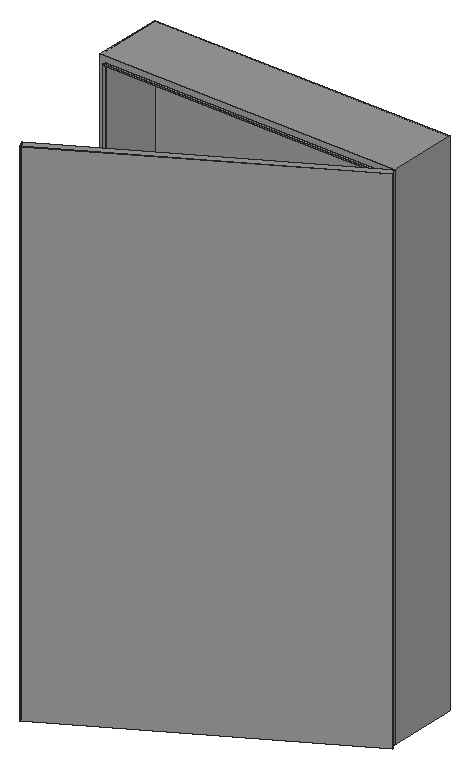
Revit family "Hager-Univers-IP44-D205-H1400-Cl.II-Encl-NoHosted-NL-en", category Equipement électrique, Revit 2020
Family settings
  Configuration du panneau = Deux colonnes, circuits au sein
  Cote de connecteur circulaire = Utiliser le diamètre
  Type d'élément = Tableau de raccordement
  Basée sur le plan de construction = Oui
  Toujours verticalement = Oui
  Couper avec des vides une fois chargée = Non
  Partagée = Non
  Point de calcul de pièce = Non
Parameters (values of type "Surface mounted (plaster) IP44 W800 H1400 D205  - FP93QS")
  Width Control [instance] = if([EF000008 - Width] > Min Width, [EF000008 - Width], Min Width)  # 800 mm
  Commentaires du type = [HG000003 - Range]  # "Univers"
  Thickness Door [instance] = if([EF009171 - Material plate thickness door/cover] > 3 mm, 3 mm, [EF009171 - Material plate thickness door/cover])  # 1 mm
  Seal Frame Offset [instance] = 17 mm  # constant formula
  Plinth Visibility [instance] = [HG000027 - Plinth height] > 0 mm  # no
  Min Width [instance] = 100 mm  # constant formula
  Min Depth [instance] = (2 * [EF009170 - Material plate thickness cabinet]) + 1 mm  # 3 mm
  Min Height [instance] = 100 mm  # constant formula
  Internal Frame Depth [instance] = (Door System Depth * 0.5)  # 9 mm
  Panel Name [instance] = ""  # (empty or 0)
  Model = ""
  HG000027 - Plinth height = 0 mm
  HG000026 - Floor standing = no
  HG000024 - Bottom section height = 600 mm
  HG000023 - Double section enclosure = no
  HG000016 - Door 3d visibility [instance] = yes
  HG000015 - Clearance visibility [instance] = no
  HG000014 - Door on the right [instance] = yes
  HG000013 - Door on the left [instance] = not([HG000014 - Door on the right])  # no
  HG000012 - Door swing angle [instance] = 30.00°
  HG000010 - Asymmetric doors = no
  HG000009 - Double swing door = no
  HG000006 - Flush mounted = no
  HG000004 - Manufacturer reference = "FP93QS"
  HG000003 - Range = "Univers"
  HG000002 - With door or cover = yes
  Frame Offset Bottom [instance] = 10 mm  # constant formula
  Frame Offset [instance] = 15 mm  # constant formula
  EF015940 - Cover with overpressure release = no
  EF011959 - Degree of protection (NEMA) = ""
  EF009554 - Number of openings for flange plates = 6
  EF009212 - Cover model = "EV000116 - Closed"
  EF009171 - Material plate thickness door/cover = 1 mm
  EF009170 - Material plate thickness cabinet = 1 mm
  EF008873 - Nominal current (In) = 250 A
  EF007800 - Suitable for lightning protection = no
  EF006306 - With lock = no
  EF006244 - Transparent cover/door = no
  EF005474 - Degree of protection (IP) = "EV006418 - IP44"
  EF004464 - Type of door = "EV002646 - Single"
  EF004427 - Number of modules = 324
  EF004293 - Impact strength = "EV006815 - IK09"
  EF003532 - Suitable for outdoor use = no
  EF002950 - Width in number of modular spacings = 36
  EF001613 - Circuit integrity = "EV000494 - None"
  EF001596 - Material housing = "EV000179 - Steel"
  EF001131 - Internal depth = 143 mm
  EF001088 - Extension possible = yes
  EF000437 - Number of conduit inlets = 6
  EF000339 - Type of cover = "EV001012 - Cover"
  EF000266 - Number of rows = 9
  EF000218 - Built-in depth = 0 mm
  EF000118 - With mounting plate = no
  EF000116 - RAL-number = "9010"
  EF000049 - Depth = 205 mm
  EF000040 - Height = 1400 mm
  EF000008 - Width = 800 mm
  EF000007 - Colour = "EV000202 - White"
  EF000003 - Mounting method = "EV000384 - Surface mounted (plaster)"
  Door System Leaf Tolerance [instance] = 1.5 mm  # constant formula
  Door System Depth [instance] = 18 mm  # constant formula
  Door Height [instance] = Height Control - [HG000027 - Plinth height]  # 1400 mm
  Description = ""
  Default Elevation = 1219.2 mm
  Connector Offset [instance] = Height Control / 2  # 700 mm
  Fabricant = "Hager"  # constant formula
  Height Control [instance] = if([EF000040 - Height] > Min Height, [EF000040 - Height], Min Height)  # 1400 mm
  Depth Control [instance] = if([EF000049 - Depth] > Min Depth, [EF000049 - Depth], Min Depth)  # 205 mm
  Bottom Top Plate Trim [instance] = 1.5 mm  # constant formula
  Plinth height Ctrl [instance] = if([HG000027 - Plinth height] > 0 mm, [HG000027 - Plinth height], 12 mm)  # 12 mm
Types (5, lengths in mm): name | Width Control | HG000009 - Double swing door | HG000004 - Manufacturer reference | EF009554 - Number of openings for flange plates | EF004464 - Type of door | EF004427 - Number of modules | EF002950 - Width in number of modular spacings | EF000437 - Number of conduit inlets | EF000008 - Width
  Surface mounted (plaster) IP44 W1050 H1400 D205  - FP94QS | 1050 | yes | "FP94QS" | 8 | "EV003602 - Double" | 432 | 48 | 8 | 1050
  Surface mounted (plaster) IP44 W1300 H1400 D205  - FP95QS | 1300 | yes | "FP95QS" | 10 | "EV003602 - Double" | 540 | 60 | 10 | 1300
  Surface mounted (plaster) IP44 W300 H1400 D205  - FP91QS | 300 | no | "FP91QS" | 2 | "EV002646 - Single" | 108 | 12 | 2 | 300
  Surface mounted (plaster) IP44 W550 H1400 D205  - FP92QS | 550 | no | "FP92QS" | 4 | "EV002646 - Single" | 216 | 24 | 4 | 550
  Surface mounted (plaster) IP44 W800 H1400 D205  - FP93QS | 800 | no | "FP93QS" | 6 | "EV002646 - Single" | 324 | 36 | 6 | 800
Reference planes
  plane 1 "Center (Front/Back)": y = 0
  plane 2: z = 0
  plane 3 "Center (Left/Right)": x = 0
  plane 4: y = 0
  plane 5: y = 0
  plane 6: z = 0
  plane 7: x = -400
  plane 8: x = 400
  plane 9: x = 399
  plane 10: x = -399
  plane 11: z = 0
  plane 12: z = 1
  plane 13: y = -205
  plane 14: y = -1
  plane 15: x = 0
  plane 16: y = -187
  plane 17: y = -204
  plane 18: y = -186
  plane 19: x = -384
  plane 20: x = 384
  plane 21: z = 11
  plane 22: x = -383
  plane 23: x = 383
  plane 24: z = 0
  plane 25: z = 1400
  plane 26: z = 1400
  plane 27: z = 1384
  plane 28: z = 1399
Forms (mm)
  Extrusion 1, solid, material "Hager_Steel_RAL7035_Light_Grey", detail levels medium+fine
    sketch origin (-208.679, -4572, 0) x (-1, 0, 0) y (0, -1, 0)
      loop
        line (191.321, -4385) -> (-608.679, -4385) -> (-608.679, -4572) -> (191.321, -4572) -> (191.321, -4385)
    from 0 to 1400
  Extrusion 2, void
    sketch origin (-350.771, -205, 1219.2) x (1, 0, 0) y (0, 0, 1)
      loop
        line (-48.229, 179.8) -> (-48.229, -1218.2) -> (749.771, -1218.2) -> (749.771, 179.8) -> (-48.229, 179.8)
    from -19 to -204
  Extrusion 3, void
    sketch origin (-290.084, -187, 1219.2) x (1, 0, 0) y (0, 0, 1)
      loop
        line (-93.916, -1208.2) -> (674.084, -1208.2) -> (674.084, 164.8) -> (-93.916, 164.8) -> (-93.916, -1208.2)
    from 0 to -1
  Extrusion 4, solid, material "Hager_Steel_RAL7035_Light_Grey", visible <- "Plinth Visibility", detail levels medium+fine
    sketch origin (0, 0, 0) x (1, 0, 0) y (0, 1, 0)
      loop
        line (-400, 0) -> (-400, -187) -> (400, -187) -> (400, 0) -> (-400, 0)
    from 0 to 12 <- "Plinth height Ctrl"
  Extrusion 5, solid, material "Hager_Steel_RAL7035_Light_Grey", detail levels coarse
    sketch origin (0, 0, 0) x (1, 0, 0) y (0, 1, 0)
      loop
        line (-400, 0) -> (-400, -205) -> (400, -205) -> (400, 0) -> (-400, 0)
    from 0 to 1400 <- "Height Control"
  Sweep 6, void
    path in 3D
      loop
        line (-400, -187, 12) -> (400, -187, 12) -> (400, 0, 12) -> (-400, 0, 12) -> (-400, -187, 12)
    profile origin (-400, -93.5, 12) x (1, 0, 0) y (0, 0, 1)
      loop
        line (0, 0) -> (0, -1.5) -> (1.5, -1.5)
        arc (1.5, -1.5) -> (1.061, -0.439) -> (0, 0) r 1.5
  Extrusion 7, solid, material "Hager_Steel_RAL7035_Light_Grey", detail levels fine
    sketch origin (-400, -187, 0) x (1, 0, 0) y (0, 0, 1)
      loop
        line (16, 11) -> (784, 11) -> (784, 1384) -> (16, 1384) -> (16, 11)
      loop
        line (15, 10) -> (785, 10) -> (785, 1385) -> (15, 1385) -> (15, 10)
    from 0 to 9 <- "Internal Frame Depth"
Cuts and joins
  Extrusion 2, Extrusion 3 cuts Extrusion 1
  Sweep 6 cuts Extrusion 4
Lines and regions (mm)
  Masking region 1
    outline origin (0, 0, 0) x (1, 0, 0) y (0, 1, 0)
      loop
        line (-400, 0) -> (-400, -205) -> (400, -205) -> (400, 0) -> (-400, 0)
  Masking region 2, detail levels coarse
    outline origin (-290.084, -187, 1219.2) x (-1, 0, 0) y (0, 0, 1)
      loop
        line (-690.084, -1219.2) -> (109.916, -1219.2) -> (109.916, 180.8) -> (-690.084, 180.8) -> (-690.084, -1219.2)
  Masking region 3, detail levels coarse
    outline origin (0, 0, 0) x (0, 1, 0) y (0, 0, 1)
      loop
        line (0, 0) -> (0, 1400) -> (-205, 1400) -> (-205, 0) -> (0, 0)
  Masking region 4, visible <- "Plinth Visibility", detail levels medium+fine
    outline origin (0, 0, 0) x (0, 1, 0) y (0, 0, 1)
      loop
        line (-1.5, 12) -> (-185.5, 12)
        arc (-185.5, 12) -> (-185.939, 10.939) -> (-187, 10.5) r 1.5
        line (-187, 10.5) -> (-187, 0) -> (0, 0) -> (0, 10.5)
        arc (0, 10.5) -> (-1.061, 10.939) -> (-1.5, 12) r 1.5
  Masking region 5, detail levels medium+fine
    outline origin (0, 0, 594.038) x (0, 1, 0) y (0, 0, 1)
      loop
        line (0, -594.038) -> (0, 805.962) -> (-187, 805.962) -> (-187, -594.038) -> (0, -594.038)
  Masking region 6, detail levels medium+fine
    outline origin (-359.7, -187, 1211.883) x (-1, 0, 0) y (0, 0, 1)
      loop
        line (-759.7, -1211.883) -> (40.3, -1211.883) -> (40.3, 188.117) -> (-759.7, 188.117) -> (-759.7, -1211.883)
  Masking region 7, visible <- "Plinth Visibility", detail levels medium+fine
    outline origin (-320.334, -187, 1041.368) x (-1, 0, 0) y (0, 0, 1)
      loop
        line (-720.334, -1041.368) -> (79.666, -1041.368) -> (79.666, -1030.868)
        arc (79.666, -1030.868) -> (78.606, -1030.429) -> (78.166, -1029.368) r 1.5
        line (78.166, -1029.368) -> (-718.834, -1029.368)
        arc (-718.834, -1029.368) -> (-719.273, -1030.429) -> (-720.334, -1030.868) r 1.5
        line (-720.334, -1030.868) -> (-720.334, -1041.368)
  sketch lines
    curve 1: line (-400, 0, 12) -> (-400, -187, 12)
    curve 2: line (-400, -187, 12) -> (400, -187, 12)
    curve 3: line (400, 0, 12) -> (-400, 0, 12)
    curve 4: line (400, -187, 12) -> (400, 0, 12)
Dimensions and locks
  locked: plane 1 "Center (Front/Back)" to plane 5
  "EF009170 - Material plate thickness cabinet": plane 7 to plane 10
  "EF009170 - Material plate thickness cabinet": plane 8 to plane 9
  equal spacing: plane 7, plane 3 "Center (Left/Right)", plane 8
  "Width Control": plane 7 to plane 8
  "Depth Control": plane 4 to plane 13
  "EF009170 - Material plate thickness cabinet": plane 4 to plane 14
  "Height Control": plane 25 to level
  "HG000027 - Plinth height": plane 11 to level
  "EF009170 - Material plate thickness cabinet": plane 12 to plane 11
  "EF009170 - Material plate thickness cabinet": plane 17 to plane 13
  "EF009170 - Material plate thickness cabinet": plane 18 to plane 16
  "Frame Offset Bottom": plane 21 to plane 12
  "Frame Offset": plane 10 to plane 19
  "Frame Offset": plane 9 to plane 20
  "Door System Depth": plane 16 to plane 13
  "Seal Frame Offset": plane 7 to plane 22
  "Seal Frame Offset": plane 8 to plane 23
  "EF009170 - Material plate thickness cabinet": plane 26 to plane 28
  "Frame Offset": plane 28 to plane 27
  "Connector Offset": plane 2 to connector elem
  "Bottom Top Plate Trim": profile plane to Sweep 6 sketch curve
  "Bottom Top Plate Trim": Sweep 6 sketch curve to Sweep 6 sketch curve
  "Plinth height Ctrl": Masking region 4 sketch curve to level
  "Plinth height Ctrl": Masking region 7 sketch curve to level
  "Thickness Door": Extrusion 7 sketch curve to Extrusion 7 sketch curve  (x4)
  "Bottom Top Plate Trim": radius of Sweep 6 sketch curve
  "Bottom Top Plate Trim": radius of Masking region 4 sketch curve  (x2)
  "Bottom Top Plate Trim": radius of Masking region 7 sketch curve  (x2)
  aligned and locked: Extrusion 2 sketch curve to plane 12
  aligned and locked: Extrusion 2 sketch curve to plane 9
  aligned and locked: Extrusion 2 sketch curve to plane 10
  aligned and locked: Extrusion 2 to plane 14
  aligned and locked: Extrusion 1 sketch curve to plane 4
  aligned and locked: plane 8 to Extrusion 1 sketch curve
  aligned and locked: plane 7 to Extrusion 1 sketch curve
  aligned and locked: Extrusion 2 to plane 18
  aligned and locked: Extrusion 3 sketch curve to plane 19
  aligned and locked: plane 20 to Extrusion 3 sketch curve
  aligned and locked: Extrusion 3 to Extrusion 2
  aligned and locked: Extrusion 3 sketch curve to plane 21
  aligned and locked: plane 3 "Center (Left/Right)" to nested 1
  aligned and locked: Extrusion 1 sketch curve to plane 16
  aligned and locked: Extrusion 4 sketch curve to cut or joined group of Extrusion 1, Extrusion 2, Extrusion 3
  aligned and locked: Masking region 1 sketch curve to plane 7
  aligned and locked: Masking region 1 sketch curve to plane 5
  aligned and locked: Masking region 1 sketch curve to plane 8
  aligned and locked: Masking region 2 sketch curve to level
  aligned and locked: level to Masking region 3 sketch curve
  aligned and locked: plane 1 "Center (Front/Back)" to Masking region 3 sketch curve
  aligned and locked: plane 13 to Masking region 3 sketch curve
  aligned and locked: plane 5 to Masking region 4 sketch curve
  aligned and locked: Masking region 2 sketch curve to plane 8
  aligned and locked: Masking region 2 sketch curve to plane 7
  aligned and locked: plane 7 to nested 2
  aligned and locked: nested 2 to plane 5
  aligned and locked: plane 5 to Masking region 5 sketch curve
  aligned and locked: plane 26 to Masking region 5 sketch curve
  aligned and locked: Extrusion 5 sketch curve to plane 8
  aligned and locked: Extrusion 5 sketch curve to plane 7
  aligned and locked: Extrusion 5 sketch curve to plane 5
  aligned and locked: Extrusion 3 sketch curve to plane 27
  aligned and locked: Extrusion 2 sketch curve to plane 28
  aligned and locked: Masking region 2 to plane 25
  aligned and locked: Extrusion 4 to plane 16
  aligned and locked: profile plane to Sweep 6 sketch curve
  aligned and locked: Masking region 5 sketch curve to plane 24
  aligned and locked: level to Masking region 4 sketch curve
  aligned and locked: Masking region 1 to plane 13
  aligned and locked: nested 1 to plane 16
  aligned and locked: Masking region 3 to plane 25
  aligned and locked: plane 16 to Masking region 4 sketch curve
  aligned and locked: Masking region 5 sketch curve to plane 16
  aligned and locked: plane 24 to plane 11
  aligned and locked: plane 26 to plane 25
  aligned and locked: plane 26 to cut or joined group of Extrusion 1, Extrusion 2, Extrusion 3
  aligned and locked: nested 1 to plane 24
  aligned and locked: Extrusion 1 to Extrusion 3
  aligned and locked: Masking region 6 sketch curve to plane 8
  aligned and locked: Masking region 6 sketch curve to plane 24
  aligned and locked: Masking region 6 sketch curve to plane 7
  aligned and locked: Masking region 6 sketch curve to plane 26
  aligned and locked: Masking region 7 sketch curve to plane 7
  aligned and locked: level to Masking region 7 sketch curve
  aligned and locked: Masking region 7 sketch curve to plane 8
  aligned and locked: Extrusion 7 sketch curve to cut or joined group of Extrusion 1, Extrusion 2, Extrusion 3  (x4)
Automatic sketch dimensions
  plane 19 to Extrusion 3 sketch curve = 0 mm
  Extrusion 3 sketch curve to plane 20 = 0 mm
  Extrusion 3 sketch curve to plane 21 = 0 mm
  Extrusion 4 sketch curve to plane 7 = 0 mm
  Extrusion 4 sketch curve to plane 8 = 0 mm
  Extrusion 4 sketch curve to plane 16 = 0 mm
  Masking region 1 sketch curve to plane 13 = 0 mm
  Masking region 2 sketch curve to plane 25 = 0 mm
  Masking region 3 sketch curve to plane 25 = 0 mm
  Extrusion 5 sketch curve to plane 13 = 0 mm
  profile plane to Sweep 6 sketch curve = 0 mm
Nested families
  nested 1: "EC000058_Univers_Door" at (0, -187, 0), Double <- "HG000009 - Double swing door", Transparent <- "EF006244 - Transparent cover/door", Angle <- "HG000012 - Door swing angle", Door_Right <- "HG000014 - Door on the right", Assymetrical <- "HG000010 - Asymmetric doors", Door <- "HG000002 - With door or cover", Width_Ctrl <- "Width Control", 3d_Door <- "HG000016 - Door 3d visibility", Clearance <- "HG000015 - Clearance visibility", Door_Left <- "HG000013 - Door on the left", Width <- "Width Control", Door_Depth <- "Door System Depth", Leaf_Tolerance <- "Door System Leaf Tolerance", Height <- "Door Height", Lock_Visibility <- "EF006306 - With lock", Thickness <- "Thickness Door", type "EC000058_Univers_Door", detail levels medium+fine
    with min_wh 3 mm, Width_Ctrl 800 mm, Width 800 mm, Transparent no, Thickness 1 mm, Seal_Material Hager_Rubber, Lock_Visibility no, Lock_Material Hager_Plastic_RAL9005_Jet_Black, Leaf_Width 800 mm, Leaf_Tolerance_External_Sides 0 mm, Leaf_Tolerance 1.5 mm, Leaf_Offset 0 mm, Leaf_Height 1397 mm, Leaf_2_Width 800 mm, Leaf_2_Offset 400 mm, Leaf_1_Width 800 mm, Leaf_1_Offset 400 mm, Height_Ctrl 1400 mm, Height 1400 mm, Glass_Material Hager_Glass, Double_Clearance_Ctrl no, Double no, Door_Right_Ctrl yes, Door_Right yes, Door_Material Hager_Steel_RAL7035_Light_Grey, Door_Left_Ctrl no, Door_Left no, Door_Depth 18 mm, Door yes, Clearance_Material Hager_Clearance, Clearance_Depth 800 mm, Clearance_Ctrl no, Clearance no, Assymetrical no, Angle 30.00°, 3d_Door yes
  nested 2: "Hager_Enclosure_Symbol" at (-400, 0, 0), Height <- "Depth Control", Width <- "Width Control", type "Hager_Enclosure_Symbol"
    with Width_Ctrl 800 mm, Width 800 mm, Height_Ctrl 205 mm, Height 205 mm, A_Width_Int 13.453 mm, A_Width 161.438 mm, A_Height_Ctrl 179.375 mm, A_Height 179.375 mm
Connectors
  electrical at (0, 0, 700)
    settings: on plane 1 "Center (Front/Back)", index 1, voltage 0 V, apparent load 0 VA, apparent load phase1 0 VA, apparent load phase2 0 VA, apparent load phase3 0 VA, power factor 1, load classification "Other", number of poles 1, system type 30, power factor state 1, is connector primary yes, connector utility no, sub classification motor no, connector description ""
Definition of nested family "EC000058_Univers_Door"
  Parameters (values of type "EC000058_Univers_Door")
    min_wh [instance] = (2 * Thickness) + 1 mm  # 11 mm
    Width_Ctrl [instance] = 400 mm
    Width [instance] = 500 mm
    Transparent [instance] = yes
    Thickness [instance] = 5 mm
    Seal_Material [instance] = none
    Lock_Visibility [instance] = yes
    Lock_Material [instance] = none
    Leaf_Width [instance] = if((Width_Ctrl - 2 * Leaf_Tolerance_External_Sides) > 0 mm, (Width_Ctrl - 2 * Leaf_Tolerance_External_Sides), min_wh)  # 400 mm
    Leaf_Tolerance_External_Sides [instance] = 0 mm  # constant formula
    Leaf_Tolerance [instance] = 1.5 mm
    Leaf_Offset [instance] = 0 mm  # constant formula
    Leaf_Height [instance] = if((Height_Ctrl - 2 * Leaf_Tolerance) > 0 mm, (Height_Ctrl - 2 * Leaf_Tolerance), min_wh)  # 497 mm
    Leaf_2_Width [instance] = if(and(and(Double, Assymetrical), Door_Left), (Leaf_Width / 3) - (Leaf_Tolerance / 2), if(and(and(Double, Assymetrical), Door_Right), (Leaf_Width / 3) * 2 - (Leaf_Tolerance / 2), if(and(Double, not(Assymetrical)), (Leaf_Width / 2) - Leaf_Tolerance, Leaf_Width)))  # 400 mm
    Leaf_2_Offset [instance] = if(and(Double, Assymetrical), Leaf_2_Width / 2, if(and(Double, not(Assymetrical)), Leaf_Width / 4, Leaf_Width / 2))  # 200 mm
    Leaf_1_Width [instance] = if(and(and(Double, Assymetrical), Door_Right), (Leaf_Width / 3) - (Leaf_Tolerance / 2), if(and(and(Double, Assymetrical), Door_Left), (Width / 3) * 2 - (Leaf_Tolerance / 2), if(and(Double, not(Assymetrical)), (Leaf_Width / 2) - Leaf_Tolerance, Leaf_Width)))  # 400 mm
    Leaf_1_Offset [instance] = if(and(Double, Assymetrical), Leaf_1_Width / 2, if(and(Double, not(Assymetrical)), Leaf_Width / 4, Leaf_Width / 2))  # 200 mm
    Height_Ctrl [instance] = if(Height > min_wh, Height, min_wh)  # 500 mm
    Height [instance] = 500 mm
    Glass_Material [instance] = none
    Double_Clearance_Ctrl [instance] = and(Double, Clearance)  # no
    Double [instance] = no
    Door_Right_Ctrl [instance] = and(or(Door_Right, Double), Door)  # yes
    Door_Right [instance] = yes
    Door_Material [instance] = none
    Door_Left_Ctrl [instance] = and(or(Door_Left, Double), Door)  # no
    Door_Left [instance] = no
    Door_Depth [instance] = 30 mm
    Door [instance] = yes
    Default Elevation = 1219.2 mm
    Clearance_Material [instance] = none
    Clearance_Depth [instance] = if(Leaf_1_Width > Leaf_2_Width, Leaf_1_Width, Leaf_2_Width)  # 400 mm
    Clearance_Ctrl [instance] = and(not(Double), Clearance)  # yes
    Clearance [instance] = yes
    Assymetrical [instance] = yes
    Angle [instance] = 30.00°
    3d_Door [instance] = yes
  Reference planes
    plane 1 "Center (Front/Back)": y = 0
    plane 2 "Bottom": z = 0
    plane 3 "Center (Left/Right)": x = 0
    plane 4: z = 500
    plane 5: x = -200
    plane 6: x = 200
    plane 7: z = 500
    plane 8: x = -200
    plane 9: z = 0
    plane 10: x = 200
    plane 11: y = 0
    plane 12: z = 1.5
    plane 13: x = -600
    plane 14: y = -400
    plane 15: x = 600
    plane 16: x = 0
    plane 17: x = 0
    plane 18: x = -200
    plane 19: x = 200
    plane 20: z = 498.5
  Forms (mm)
    Extrusion 1, solid, material <- "Clearance_Material", visible <- "Double_Clearance_Ctrl"
      sketch origin (1200, 0, 0) x (1, 0, 0) y (0, 0, -1)
        loop
          line (-1800, -498.5) -> (-600, -498.5) -> (-600, 0) -> (-1800, 0) -> (-1800, -498.5)
      from 0 to -400
  Dimensions and locks
    equal spacing: plane 5, plane 3 "Center (Left/Right)", plane 6
    "Width_Ctrl": plane 5 to plane 6
    "Leaf_Offset": plane 5 to plane 8
    "Leaf_Offset": plane 6 to plane 10
    "Leaf_Offset": plane 9 to level
    "Leaf_Offset": plane 4 to plane 7
    "Height_Ctrl": plane 4 to level
    "Leaf_Tolerance": plane 12 to plane 9
    locked: plane 11 to plane 1 "Center (Front/Back)"
    "Leaf_1_Offset": plane 18 to plane 16
    "Leaf_2_Offset": plane 17 to plane 19
    "Leaf_1_Width": plane 13 to plane 8
    "Leaf_2_Width": plane 10 to plane 15
    "Clearance_Depth": plane 14 to plane 1 "Center (Front/Back)"
    "Leaf_Tolerance_External_Sides": plane 8 to plane 18
    "Leaf_Tolerance_External_Sides": plane 19 to plane 10
    "Leaf_Tolerance": plane 7 to plane 20
    aligned and locked: level to plane 2 "Bottom"
    aligned and locked: nested 1 to plane 16
    aligned and locked: nested 2 to plane 17
    aligned and locked: Extrusion 1 to plane 13
    aligned and locked: plane 15 to Extrusion 1
    aligned and locked: Extrusion 1 to plane 14
    aligned and locked: plane 12 to nested 1
    aligned and locked: nested 2 to plane 12
    aligned and locked: Extrusion 1 to plane 11
    aligned and locked: plane 20 to Extrusion 1
    aligned and locked: nested 2 to plane 11
    aligned and locked: nested 1 to plane 11
  Automatic sketch dimensions
    Extrusion 1 sketch curve to level = 0 mm
    plane 5 to Extrusion 1 sketch curve = 400 mm
    plane 6 to Extrusion 1 sketch curve = 400 mm
    Extrusion 1 sketch curve to plane 4 = 1.5 mm
  Nested families
    nested 1: "EC000058_Univers_Door_Leaf" at (0, 0, 1.5), Width <- "Leaf_1_Width", visible <- "Door_Left_Ctrl", Leaf_Height <- "Leaf_Height", Angle <- "Angle", 3d_Door <- "3d_Door", Transparent <- "Transparent", Clearance Material <- "Clearance_Material", Clearance <- "Clearance_Ctrl", Door_Material <- "Door_Material", Glass_Material <- "Glass_Material", Door_Depth <- "Door_Depth", Lock_Material <- "Lock_Material", Seal_Material <- "Seal_Material", Lock_Visibility <- "Lock_Visibility", Thickness <- "Thickness", type "EC000058_Univers_Door_Leaf"
      with Width 400 mm, Transparent_Glass_Offset 30 mm, Transparent_Ctrl yes, Transparent yes, Thickness 5 mm, Standard no, Seal_Material none, Seal_D2 8 mm, Seal_D1 1 mm, Offset_Internal_Frame 10 mm, Lock_Width 20 mm, Lock_Visibility_3d yes, Lock_Visibility yes, Lock_Thickness_3 3 mm, Lock_Thickness_2 1 mm, Lock_Thickness_1 3 mm, Lock_Radius_Offset_2 16 mm, Lock_Radius_Offset_1 15 mm, Lock_Radius_2 5 mm, Lock_Radius 6 mm, Lock_Offset 5 mm, Lock_Material none, Lock_Height 80 mm, Lock_Cover_Top_Offset_2d 17 mm, Lock_Cover_Height -65 mm, Leaf_Height 497 mm, Internal_Seal_Thickness 8 mm, Internal_Seal_Depth_2 4.5 mm, Internal_Frame_Depth 25 mm, Glass_Thickness -1 mm, Glass_Offset -2 mm, Glass_Material none, Door_Material none, Door_Depth 30 mm, Clearance Material none, Clearance yes, Angle_Ctrl 30.00°, Angle 30.00°, 3d_Door yes
    nested 2: "EC000058_Univers_Door_Leaf" at (0, 0, 1.5) x (-1, 0, 0) z (0, 0, 1), Width <- "Leaf_2_Width", visible <- "Door_Right_Ctrl", Leaf_Height <- "Leaf_Height", Angle <- "Angle", 3d_Door <- "3d_Door", Transparent <- "Transparent", Clearance Material <- "Clearance_Material", Clearance <- "Clearance_Ctrl", Door_Material <- "Door_Material", Glass_Material <- "Glass_Material", Door_Depth <- "Door_Depth", Lock_Material <- "Lock_Material", Seal_Material <- "Seal_Material", Lock_Visibility <- "Lock_Visibility", Thickness <- "Thickness", type "EC000058_Univers_Door_Leaf"
      with Width 400 mm, Transparent_Glass_Offset 30 mm, Transparent_Ctrl yes, Transparent yes, Thickness 5 mm, Standard no, Seal_Material none, Seal_D2 8 mm, Seal_D1 1 mm, Offset_Internal_Frame 10 mm, Lock_Width 20 mm, Lock_Visibility_3d yes, Lock_Visibility yes, Lock_Thickness_3 3 mm, Lock_Thickness_2 1 mm, Lock_Thickness_1 3 mm, Lock_Radius_Offset_2 16 mm, Lock_Radius_Offset_1 15 mm, Lock_Radius_2 5 mm, Lock_Radius 6 mm, Lock_Offset 5 mm, Lock_Material none, Lock_Height 80 mm, Lock_Cover_Top_Offset_2d 17 mm, Lock_Cover_Height -65 mm, Leaf_Height 497 mm, Internal_Seal_Thickness 8 mm, Internal_Seal_Depth_2 4.5 mm, Internal_Frame_Depth 25 mm, Glass_Thickness -1 mm, Glass_Offset -2 mm, Glass_Material none, Door_Material none, Door_Depth 30 mm, Clearance Material none, Clearance yes, Angle_Ctrl 30.00°, Angle 30.00°, 3d_Door yes
  Definition of nested family "EC000058_Univers_Door_Leaf"
    Parameters (values of type "EC000058_Univers_Door_Leaf")
      Width [instance] = 2000 mm
      Transparent_Glass_Offset [instance] = 30 mm
      Transparent_Ctrl [instance] = and(Transparent, [3d_Door])  # yes
      Transparent [instance] = yes
      Thickness [instance] = 5 mm
      Standard [instance] = and(not(Transparent), [3d_Door])  # no
      Seal_Material [instance] = none
      Seal_D2 [instance] = 8 mm  # constant formula
      Seal_D1 [instance] = 1 mm  # constant formula
      Offset_Internal_Frame [instance] = 10 mm  # constant formula
      Lock_Width [instance] = 20 mm  # constant formula
      Lock_Visibility_3d [instance] = and(Lock_Visibility, [3d_Door])  # yes
      Lock_Visibility [instance] = yes
      Lock_Thickness_3 [instance] = 3 mm  # constant formula
      Lock_Thickness_2 [instance] = 1 mm  # constant formula
      Lock_Thickness_1 [instance] = 3 mm  # constant formula
      Lock_Radius_Offset_2 [instance] = Lock_Radius_Offset_1 + 1 mm  # 16 mm
      Lock_Radius_Offset_1 [instance] = 15 mm  # constant formula
      Lock_Radius_2 [instance] = Lock_Radius - 1 mm  # 5 mm
      Lock_Radius [instance] = 6 mm  # constant formula
      Lock_Offset [instance] = 5 mm  # constant formula
      Lock_Material [instance] = none
      Lock_Height [instance] = 80 mm  # constant formula
      Lock_Cover_Top_Offset_2d [instance] = Lock_Radius_Offset_2 + 1 mm  # 17 mm
      Lock_Cover_Height [instance] = -(Lock_Height - Lock_Radius_Offset_1)  # -65 mm
      Leaf_Height [instance] = 2720.336 mm
      Internal_Seal_Thickness [instance] = 8 mm  # constant formula
      Internal_Seal_Depth_2 [instance] = 4.5 mm  # constant formula
      Internal_Frame_Depth [instance] = if(Door_Depth - Thickness > 5 mm, Door_Depth - Thickness, 5 mm)  # 25 mm
      Glass_Thickness [instance] = if(Thickness > 15 mm, Glass_Offset + 10 mm, -1 mm)  # -1 mm
      Glass_Offset [instance] = if(Thickness > 15 mm, -(Thickness + 10 mm) / 2, -2 mm)  # -2 mm
      Glass_Material [instance] = none
      Door_Material [instance] = none
      Door_Depth [instance] = 30 mm
      Default Elevation = 0 mm
      Clearance Material [instance] = none
      Clearance [instance] = yes
      Angle_Ctrl [instance] = if(Angle > 180.00°, 180.00°, Angle)  # 90.00°
      Angle [instance] = 90.00°
      3d_Door [instance] = yes
    Reference planes
      plane 1 "Center (Front/Back)": y = 0
      plane 2: z = 0
      plane 3 "Center (Left/Right)": x = 0
      plane 4: y = 2000
      plane 5: x = -1000
      plane 6: x = 1000
      plane 7: x = -3000
      plane 8: z = 2720.336
      plane 9: z = 30
      plane 10: z = 2690.336
      plane 11: x = 970
      plane 12: x = -970
      plane 13: y = -3
      plane 14: z = 107.833
      plane 15: y = -5
      plane 16: y = -223.314
      plane 17: x = -1000
      plane 18: z = 1360.168
      plane 19: y = 30
    Forms (mm)
      Extrusion 1, solid, material <- "Clearance Material", visible <- "Clearance"
        sketch origin (0, 0, 0) x (1, 0, 0) y (0, 0, 1)
          loop
            line (-3000, 2720.336) -> (-3000, 0) -> (1000, 0) -> (1000, 2720.336) -> (-3000, 2720.336)
        from 0 to -2000
      Extrusion 2, solid, material <- "Door_Material", visible <- "Standard", detail levels medium+fine
        sketch origin (-1000, 0, 0) x (0, 1, 0) y (-1, 0, 0)
          loop
            line (0, 30) -> (0, 25) -> (2000, 25) -> (2000, 30) -> (0, 30)
        from 0 to 2720.336 <- "Leaf_Height"
      Extrusion 3, solid, material <- "Door_Material", visible <- "Transparent_Ctrl", detail levels medium+fine
        sketch origin (-1000, 0, 0) x (0, 1, 0) y (-1, 0, 0)
          loop
            line (0, 25) -> (2000, 25) -> (2000, 30) -> (0, 30) -> (0, 25)
        from 0 to 2720.336 <- "Leaf_Height"
      Extrusion 4, void
        sketch origin (-1025, 2000, 0) x (0, 1, 0) y (0, 0, -1)
          loop
            line (-30, -2690.336) -> (-30, -30) -> (-1970, -30) -> (-1970, -2690.336) -> (-30, -2690.336)
        from 0 to 5 <- "Thickness"
      Sweep 5, solid, material <- "Seal_Material", visible <- "Transparent_Ctrl", detail levels fine
        path in 3D
          loop
            line (-1025, 30, 30) -> (-1025, 30, 2690.336) -> (-1025, 1970, 2690.336) -> (-1025, 1970, 30) -> (-1025, 30, 30)
        profile origin (-1025, 1000, 30) x (1, 0, 0) y (0, 0, 1)
          loop
            line (0, 0) -> (0, -8) -> (1, -8) -> (1, 0) -> (0, 0)
      Extrusion 6, solid, material <- "Glass_Material", visible <- "Transparent_Ctrl", detail levels medium+fine
        sketch origin (-1030, 0, 0) x (0, 1, 0) y (0, 0, -1)
          loop
            line (1970, -2690.336) -> (1970, -30) -> (30, -30) -> (30, -2690.336) -> (1970, -2690.336)
        from -2 <- "Glass_Offset" to -1 <- "Glass_Thickness"
      Extrusion 7, solid, material <- "Door_Material", visible <- "3d_Door", detail levels medium+fine
        sketch origin (-1025, 2000, 0) x (0, -1, 0) y (0, 0, -1)
          loop
            line (0, -2720.336) -> (2000, -2720.336) -> (2000, 0) -> (0, 0) -> (0, -2720.336)
          loop
            line (1995, -5) -> (5, -5) -> (5, -2715.336) -> (1995, -2715.336) -> (1995, -5)
        from 0 to 25 <- "Internal_Frame_Depth"
      Sweep 8, solid, material <- "Seal_Material", visible <- "Transparent_Ctrl", detail levels fine
        path in 3D
          loop
            line (-1025, 0, 0) -> (-1025, 2000, 0) -> (-1025, 2000, 2720.336) -> (-1025, 0, 2720.336) -> (-1025, 0, 0)
        profile origin (-1025, 0, 1360.168) x (1, 0, 0) y (0, 1, 0)
          loop
            line (0, 10) -> (2.975, 10)
            arc (2.975, 10) -> (4.053, 10.447) -> (4.5, 11.525) r 1.525
            line (4.5, 11.525) -> (4.5, 16.527)
            arc (4.5, 16.527) -> (4.069, 17.569) -> (3.027, 18) r 1.473
            line (3.027, 18) -> (0, 18) -> (0, 10)
      Extrusion 9, solid, material <- "Lock_Material", visible <- "Lock_Visibility_3d", detail levels fine
        sketch origin (-1030, 0, 0) x (0, 1, 0) y (0, 0, -1)
          loop
            arc (1993.5, -1400.168) -> (1994.561, -1399.729) -> (1995, -1398.668) r 1.5
            line (1995, -1398.668) -> (1995, -1320.168) -> (1975, -1320.168) -> (1975, -1398.668)
            arc (1975, -1398.668) -> (1975.439, -1399.729) -> (1976.5, -1400.168) r 1.5
            line (1976.5, -1400.168) -> (1993.5, -1400.168)
        from 3 <- "Lock_Thickness_1" to 0
      Blend 10, solid, material <- "Lock_Material", visible <- "Lock_Visibility_3d", detail levels fine
        base sketch origin (-1033, 0, 0) x (0, 1, 0) y (0, 0, -1)
          loop
            line (1975, -1320.168) -> (1975, -1398.668)
            arc (1975, -1398.668) -> (1975.439, -1399.729) -> (1976.5, -1400.168) r 1.5
            line (1976.5, -1400.168) -> (1993.5, -1400.168)
            arc (1993.5, -1400.168) -> (1994.561, -1399.729) -> (1995, -1398.668) r 1.5
            line (1995, -1398.668) -> (1995, -1320.168) -> (1975, -1320.168)
        top sketch origin (-1033, 0, 0) x (0, 1, 0) y (0, 0, -1)
          loop
            line (1976, -1320.168) -> (1976, -1398.668)
            arc (1976, -1398.668) -> (1976.146, -1399.022) -> (1976.5, -1399.168) r 0.5
            line (1976.5, -1399.168) -> (1993.5, -1399.168)
            arc (1993.5, -1399.168) -> (1993.854, -1399.022) -> (1994, -1398.668) r 0.5
            line (1994, -1398.668) -> (1994, -1320.168) -> (1976, -1320.168)
        from 0 to 1 <- "Lock_Thickness_2"
      Blend 11, solid, material <- "Lock_Material", visible <- "Lock_Visibility_3d", detail levels fine
        base sketch origin (-1034, 0, 0) x (0, 1, 0) y (0, 0, -1)
          loop
            line (1978, -1320.168) -> (1978, -1384.168)
            arc (1978, -1384.168) -> (1985, -1391.168) -> (1992, -1384.168) r 7
            line (1992, -1384.168) -> (1992, -1320.168) -> (1978, -1320.168)
        top sketch origin (-1034, 0, 0) x (0, 1, 0) y (0, 0, -1)
          loop
            line (1991, -1320.168) -> (1979, -1320.168) -> (1979, -1383.168)
            arc (1979, -1383.168) -> (1985, -1389.168) -> (1991, -1383.168) r 6
            line (1991, -1383.168) -> (1991, -1320.168)
        from 0 to 3 <- "Lock_Thickness_3"
      Extrusion 12, solid, material <- "Lock_Material", visible <- "Lock_Visibility_3d", detail levels fine
        sketch origin (-1030, 1975, 1320.168) x (1, 0, 0) y (0, -1, 0)
          loop
            line (-7, -19) -> (-7, -1) -> (0, -1) -> (0, 0) -> (-8, 0) -> (-8, -20) -> (0, -20) -> (0, -19) -> (-7, -19)
        from 0 to -65 <- "Lock_Cover_Height"
      Extrusion 13, void
        sketch origin (-1038, 1995, 1320.168) x (-1, 0, 0) y (0, 0, -1)
          loop
            line (-5, -65) -> (0, -65) -> (-5, -60) -> (-5, -65)
        from 0 to 20 <- "Lock_Width"
      Extrusion 14, void
        sketch origin (-1038, 1975, 1320.168) x (0, -1, 0) y (0, 0, -1)
          loop
            circle (-10, -15.995) r 6
          loop
            circle (-10, -15.995) r 5
        from 0 to 2
      Extrusion 15, solid, material <- "Lock_Material", visible <- "Lock_Visibility_3d", detail levels medium
        sketch origin (-1030, 0, 0) x (0, 1, 0) y (0, 0, -1)
          loop
            arc (1993.5, -1400.168) -> (1994.561, -1399.729) -> (1995, -1398.668) r 1.5
            line (1995, -1398.668) -> (1995, -1320.168) -> (1975, -1320.168) -> (1975, -1398.668)
            arc (1975, -1398.668) -> (1975.439, -1399.729) -> (1976.5, -1400.168) r 1.5
            line (1976.5, -1400.168) -> (1993.5, -1400.168)
        from 8 to 0
    Cuts and joins
      Extrusion 4 cuts Extrusion 3
      Extrusion 13, Extrusion 14 cuts Extrusion 9
      Extrusion 14 cuts Blend 11
      Extrusion 13, Extrusion 14 cuts Extrusion 12
      joined: Extrusion 9, Blend 10, Blend 11, Extrusion 12
      Extrusion 14 cuts Extrusion 15
    Lines and regions (mm)
      Masking region 1, visible <- "Lock_Visibility", detail levels fine
        outline origin (0, 0, 0) x (0, 1, 0) y (0, 0, 1)
          loop
            line (30, 1320.168) -> (33, 1320.168) -> (33, 1400.168) -> (30, 1400.168) -> (30, 1320.168)
      Masking region 2, visible <- "Lock_Visibility", detail levels fine
        outline origin (0, 3.143, 0) x (0, 1, 0) y (0, 0, 1)
          loop
            line (29.857, 1354.168) -> (30.857, 1354.168) -> (30.857, 1366.168) -> (29.857, 1366.168) -> (29.857, 1354.168)
      Masking region 3, detail levels medium+fine
        outline origin (0, 0, 0) x (0, 1, 0) y (0, 0, 1)
          loop
            line (0, 0) -> (30, 0) -> (30, 2720.336) -> (0, 2720.336) -> (0, 0)
      Masking region 4, detail levels medium+fine
        outline origin (0, 0, 0) x (1, 0, 0) y (0, 0, 1)
          loop
            line (-1000, 2720.336) -> (-1000, 0) -> (1000, 0) -> (1000, 2720.336) -> (-1000, 2720.336)
      Masking region 5, visible <- "Lock_Visibility", detail levels fine
        outline origin (-47.116, 0, 0) x (1, 0, 0) y (0, 0, 1)
          loop
            arc (1024.616, 1399.168) -> (1023.556, 1398.729) -> (1023.116, 1397.668) r 1.5
            line (1023.116, 1397.668) -> (1023.116, 1320.168) -> (1041.116, 1320.168) -> (1041.116, 1397.668)
            arc (1041.116, 1397.668) -> (1040.677, 1398.729) -> (1039.616, 1399.168) r 1.5
            line (1039.616, 1399.168) -> (1024.616, 1399.168)
      Masking region 6, visible <- "Lock_Visibility", detail levels medium+fine
        outline origin (-25, 0, 0) x (1, 0, 0) y (0, 0, 1)
          loop
            arc (1001.5, 1400.168) -> (1000.439, 1399.729) -> (1000, 1398.668) r 1.5
            line (1000, 1398.668) -> (1000, 1320.168) -> (1020, 1320.168) -> (1020, 1398.668)
            arc (1020, 1398.668) -> (1019.561, 1399.729) -> (1018.5, 1400.168) r 1.5
            line (1018.5, 1400.168) -> (1001.5, 1400.168)
      Masking region 7, visible <- "Lock_Visibility", detail levels fine
        outline origin (-73.735, 0, 0) x (1, 0, 0) y (0, 0, 1)
          loop
            line (1051.735, 1382.168) -> (1065.735, 1382.168) -> (1065.735, 1384.168)
            arc (1065.735, 1384.168) -> (1058.735, 1391.168) -> (1051.735, 1384.168) r 7
            line (1051.735, 1384.168) -> (1051.735, 1382.168)
      Masking region 8, visible <- "Lock_Visibility", detail levels fine
        outline origin (-73.735, 0, 0) x (1, 0, 0) y (0, 0, 1)
          loop
            line (1052.735, 1382.168) -> (1064.735, 1382.168) -> (1064.735, 1383.168)
            arc (1064.735, 1383.168) -> (1058.735, 1389.168) -> (1052.735, 1383.168) r 6
            line (1052.735, 1383.168) -> (1052.735, 1382.168)
      Masking region 9, visible <- "Lock_Visibility", detail levels fine
        outline origin (-25, 0, 0) x (1, 0, 0) y (0, 0, 1)
          loop
            line (1020, 1320.168) -> (1020, 1382.168) -> (1000, 1382.168) -> (1000, 1320.168) -> (1020, 1320.168)
      Masking region 10, detail levels medium+fine
        outline origin (0, 0, 0) x (1, 0, 0) y (0, 0, 1)
          loop
            circle (985, 1335.144) r 6
      Masking region 11, detail levels fine
        outline origin (0, 0, 0) x (1, 0, 0) y (0, 0, 1)
          loop
            circle (985, 1335.144) r 5
      Masking region 12, visible <- "Lock_Visibility", detail levels fine
        outline origin (0, 12.767, 0) x (0, 1, 0) y (0, 0, 1)
          loop
            line (20.233, 1320.168) -> (21.233, 1320.168) -> (21.233, 1399.168) -> (20.233, 1400.168) -> (20.233, 1320.168)
      Masking region 13, visible <- "Lock_Visibility", detail levels fine
        outline origin (0, 13.767, -10) x (0, 1, 0) y (0, 0, 1)
          loop
            line (20.233, 1330.168) -> (23.233, 1330.168) -> (23.233, 1399.168) -> (20.233, 1402.168) -> (20.233, 1330.168)
      Masking region 14, visible <- "Lock_Visibility", detail levels fine
        outline origin (0, 12.767, -10) x (0, 1, 0) y (0, 0, 1)
          loop
            line (20.233, 1330.168) -> (25.233, 1330.168) -> (25.233, 1399.305) -> (20.233, 1394.305) -> (20.233, 1330.168)
      Masking region 15, visible <- "Lock_Visibility", detail levels medium
        outline origin (0, 0, 0) x (0, 1, 0) y (0, 0, 1)
          loop
            line (30, 1320.168) -> (38, 1320.168) -> (38, 1400.168) -> (30, 1400.168) -> (30, 1320.168)
      Masking region 16, visible <- "Lock_Visibility", detail levels fine
        outline origin (-1000, 0, 0) x (0, 1, 0) y (-1, 0, 0)
          loop
            line (1975, 30) -> (1995, 30) -> (1995, 38) -> (1975, 38) -> (1975, 30)
          loop
            line (1979, 37) -> (1976, 37) -> (1976, 34) -> (1978, 34) -> (1979, 37)
          loop
            line (1994, 37) -> (1991, 37) -> (1992, 34) -> (1994, 34) -> (1994, 37)
      Masking region 17, visible <- "Lock_Visibility", detail levels medium
        outline origin (-1000, 0, 0) x (0, 1, 0) y (-1, 0, 0)
          loop
            line (1975, 30) -> (1995, 30) -> (1995, 38) -> (1975, 38) -> (1975, 30)
      symbolic lines
        curve 1: line (1000, 0, 0) -> (-3000, 0, 0)
        curve 2: arc (1000, 0, 0) -> (-1000, 2000, 0) -> (-3000, 0, 0) r 2000
        curve 4: line (-1030, 0, 0) -> (-1030, 2000, 0)
      reference lines
        curve 3: line (-1000, 0, 0) -> (-1000, 2000, 0)
      symbolic lines, detail levels medium+fine
        curve 5: line (-1030, 2000, 0) -> (-1025, 2000, 0)
        curve 7: line (-1025, 0, 0) -> (-1030, 0, 0)
        curve 8: line (-1025, 0, 0) -> (-1000, 0, 0)
        curve 9: line (-1000, 0, 0) -> (-1000, 2000, 0)
        curve 10: line (-1000, 2000, 0) -> (-1025, 2000, 0)
      symbolic lines, detail levels fine
        curve 6: line (-1025, 2000, 0) -> (-1025, 0, 0)
      sketch lines
        curve 11: line (-1025, 0, 2720.336) -> (-1025, 0, 0)
        curve 12: line (-1025, 2000, 0) -> (-1025, 0, 0)
        curve 13: line (-1025, 2000, 2720.336) -> (-1025, 2000, 0)
        curve 14: line (-1025, 0, 2720.336) -> (-1025, 2000, 2720.336)
        curve 15: line (-1025, 1970, 30) -> (-1025, 30, 30)
        curve 16: line (-1025, 30, 30) -> (-1025, 30, 2690.336)
        curve 17: line (-1025, 1970, 2690.336) -> (-1025, 1970, 30)
        curve 18: line (-1025, 30, 2690.336) -> (-1025, 1970, 2690.336)
      symbolic lines, visible <- "Transparent", detail levels medium+fine
        curve 19: line (-970, 0, 2690.336) -> (970, 0, 2690.336)
        curve 20: line (-970, 0, 30) -> (-970, 0, 2690.336)
        curve 21: line (970, 0, 30) -> (-970, 0, 30)
        curve 22: line (970, 0, 2690.336) -> (970, 0, 30)
    Dimensions and locks
      "Width": plane 1 "Center (Front/Back)" to plane 4
      equal spacing: plane 5, plane 3 "Center (Left/Right)", plane 6
      "Width": plane 5 to plane 6
      "Width": plane 7 to plane 5
      "Leaf_Height": plane 8 to level
      "Width": curve 5 to curve 3
      "Width": curve 3 to curve 3
      plane 8 to plane 10 = 30 mm
      plane 9 to level = 30 mm
      plane 12 to plane 5 = 30 mm
      plane 6 to plane 11 = 30 mm
      Extrusion 1 to Extrusion 4 sketch curve = 30 mm
      "Transparent_Glass_Offset": curve 3 to Extrusion 4 sketch curve
      "Transparent_Glass_Offset": Extrusion 4 sketch curve to cut or joined group of Extrusion 3, Extrusion 4  (x2)
      cut or joined group of Extrusion 3, Extrusion 4 to Extrusion 6 sketch curve = 30 mm
      "Transparent_Glass_Offset": cut or joined group of Extrusion 3, Extrusion 4 to Extrusion 4 sketch curve
      "Thickness": curve 6 to curve 4
      "Thickness": Extrusion 7 sketch curve to Extrusion 7 sketch curve  (x4)
      "Door_Depth": curve 4 to curve 3
      "Offset_Internal_Frame": profile plane to Sweep 8 sketch curve
      "Internal_Seal_Thickness": Sweep 8 sketch curve to Sweep 8 sketch curve
      "Internal_Seal_Depth_2": profile plane to Sweep 8 sketch curve
      "Seal_D1": profile plane to Sweep 5 sketch curve
      "Seal_D2": profile plane to Sweep 5 sketch curve
      "Thickness": Extrusion 2 sketch curve to Extrusion 2 sketch curve
      equal spacing: Extrusion 9 sketch curve, plane 18, Extrusion 9 sketch curve  (x2)
      equal spacing: Masking region 1 sketch curve, plane 18, Masking region 1 sketch curve
      "Lock_Height": Masking region 1 sketch curve to Masking region 1 sketch curve
      "Lock_Radius": Masking region 2 sketch curve to plane 18 to Masking region 2 sketch curve
      Masking region 2 sketch curve to Masking region 1 = 1 mm
      "Door_Depth": plane 19 to plane 1 "Center (Front/Back)"
      "Lock_Thickness_1": Masking region 1 sketch curve to plane 19
      "Lock_Width": Extrusion 9 sketch curve to Extrusion 9 sketch curve
      "Lock_Height": Extrusion 9 sketch curve to Extrusion 9 sketch curve
      "Lock_Offset": cut or joined group of Extrusion 3, Extrusion 4 to Extrusion 9 sketch curve
      equal spacing: plane 8, plane 18, level
      "Lock_Radius_Offset_1": Blend 11 sketch curve to Blend 10
      locked: Blend 10 to Blend 11 sketch curve at 2  (x2)
      locked: var sketch to Blend 11 sketch curve at 1  (x2)
      "Lock_Radius_Offset_2": Blend 11 sketch curve to Blend 10
      locked: Extrusion 12 sketch curve to Extrusion 12 sketch curve at 1  (x3)
      Masking region 6 sketch curve to Masking region 6 sketch curve = 80 mm
      "Lock_Height": Masking region 6 sketch curve to Masking region 6 sketch curve
      "Lock_Width": Masking region 6 sketch curve to Masking region 6 sketch curve
      locked: Masking region 6 to Masking region 5 sketch curve at 1  (x3)
      locked: Masking region 5 to Masking region 7 sketch curve at 2  (x2)
      "Lock_Radius_Offset_1": Masking region 5 to Masking region 7 sketch curve
      "Lock_Radius_Offset_2": Masking region 5 to Masking region 8 sketch curve
      locked: Masking region 7 to Masking region 8 sketch curve at 1  (x2)
      "Lock_Cover_Top_Offset_2d": Masking region 5 to Masking region 9 sketch curve
      equal spacing: Masking region 9, Masking region 10 sketch curve, Masking region 9
      equal spacing: Masking region 9, Masking region 11 sketch curve, Masking region 9
      Extrusion 15 sketch curve to Extrusion 15 sketch curve = 80 mm
      "Lock_Width": Extrusion 15 sketch curve to Extrusion 15 sketch curve
      "Lock_Height": Extrusion 15 sketch curve to Extrusion 15 sketch curve
      equal spacing: Extrusion 15 sketch curve, plane 18, Extrusion 15 sketch curve
      "Lock_Thickness_3": Masking region 13 sketch curve to Masking region 13 sketch curve
      "Lock_Height": Masking region 12 sketch curve to Masking region 12 sketch curve
      locked: Masking region 13 sketch curve to Masking region 1 at 8
      locked: Masking region 14 sketch curve to Masking region 13 at 1
      locked: Masking region 14 sketch curve to Masking region 1 at 10.863
      "Lock_Height": Masking region 15 sketch curve to Masking region 15 sketch curve
      "Lock_Offset": Extrusion 15 sketch curve to cut or joined group of Extrusion 3, Extrusion 4
      "Lock_Offset": plane 6 to Masking region 6 sketch curve
      radius of Sweep 8 sketch curve = 1.525 mm
      radius of Sweep 8 sketch curve = 1.473 mm
      radius of Extrusion 9 sketch curve = 1.5 mm  (x2)
      "Lock_Radius": radius of Extrusion 14 sketch curve
      "Lock_Radius_2": radius of Extrusion 14 sketch curve
      "Lock_Radius": radius of Masking region 10 sketch curve
      "Lock_Radius_2": radius of Masking region 11 sketch curve
      radius of Extrusion 15 sketch curve = 1.5 mm  (x2)
      "Angle_Ctrl": angle plane 1 "Center (Front/Back)" to curve 3
      locked: Masking region 12 sketch curve to Masking region 12 sketch curve (angle 45.00°)
      locked: Masking region 13 sketch curve to Masking region 13 sketch curve (angle 45.00°)
      locked: Masking region 14 sketch curve to Masking region 14 sketch curve (angle 45.00°)
      aligned and locked: level to plane 2
      aligned and locked: Extrusion 1 to curve 1
      aligned and locked: plane 6 to Extrusion 1
      aligned and locked: Extrusion 1 to plane 1 "Center (Front/Back)"
      aligned and locked: plane 4 to Extrusion 1
      aligned and locked: plane 8 to Extrusion 1
      aligned and locked: curve 7 to Extrusion 2 sketch curve
      aligned and locked: curve 5 to Extrusion 2 sketch curve
      aligned and locked: curve 7 to Extrusion 3 sketch curve
      aligned and locked: Extrusion 3 sketch curve to curve 4
      aligned and locked: Extrusion 3 sketch curve to curve 6
      aligned and locked: Extrusion 3 sketch curve to curve 5
      aligned and locked: curve 9 to curve 3
      aligned and locked: Extrusion 7 sketch curve to cut or joined group of Extrusion 3, Extrusion 4  (x4)
      aligned and locked: plane 17 to curve 3
      aligned and locked: plane 1 "Center (Front/Back)" to curve 3
      aligned and locked: plane 17 to plane 5
      aligned and locked: Sweep 8 sketch curve to profile plane
      aligned and locked: Sweep 5 sketch curve to profile plane  (x2)
      aligned and locked: Masking region 1 to Masking region 2 sketch curve
      aligned and locked: plane 19 to Masking region 1 sketch curve
      aligned and locked: plane 1 "Center (Front/Back)" to Masking region 3 sketch curve
      aligned and locked: plane 19 to Masking region 3 sketch curve
      aligned and locked: level to Masking region 3 sketch curve
      aligned and locked: Masking region 3 sketch curve to plane 8
      aligned and locked: plane 17 to Masking region 4 sketch curve
      aligned and locked: level to Masking region 4 sketch curve
      aligned and locked: Masking region 4 sketch curve to plane 8
      aligned and locked: plane 12 to curve 20
      aligned and locked: plane 10 to curve 19
      aligned and locked: plane 11 to curve 22
      aligned and locked: curve 21 to plane 9
      aligned and locked: Extrusion 2 sketch curve to cut or joined group of Extrusion 3, Extrusion 4
      aligned and locked: Blend 10 sketch curve to Extrusion 9  (x4)
      aligned and locked: Extrusion 9 to Blend 10 sketch curve
      aligned and locked: Blend 10 to Blend 11 sketch curve
      aligned and locked: Extrusion 12 sketch curve to Blend 11
      aligned and locked: Extrusion 12 sketch curve to Extrusion 9  (x4)
      aligned and locked: Masking region 5 sketch curve to Masking region 6
      aligned and locked: Masking region 9 sketch curve to Masking region 6  (x3)
      aligned and locked: Masking region 12 sketch curve to Masking region 1
      aligned and locked: Masking region 13 sketch curve to Masking region 1
      aligned and locked: Masking region 12 to Masking region 14
      aligned and locked: Masking region 14 sketch curve to Masking region 1
      aligned and locked: Masking region 15 sketch curve to Masking region 14
      aligned and locked: Masking region 13 sketch curve to Masking region 12
      aligned and locked: Masking region 16 sketch curve to cut or joined group of Extrusion 14, Extrusion 15  (x4)
      aligned and locked: Masking region 16 sketch curve to cut or joined group of Extrusion 9, Blend 10, Blend 11, Extrusion 12, Extrusion 13, Extrusion 14  (x6)
      aligned and locked: cut or joined group of Extrusion 9, Blend 10, Blend 11, Extrusion 12, Extrusion 13, Extrusion 14 to Masking region 16 sketch curve
      aligned and locked: Masking region 17 sketch curve to cut or joined group of Extrusion 14, Extrusion 15  (x3)
      aligned and locked: Masking region 17 sketch curve to cut or joined group of Extrusion 9, Blend 10, Blend 11, Extrusion 12, Extrusion 13, Extrusion 14
      aligned and locked: Masking region 9 to Masking region 8 sketch curve
      aligned and locked: Masking region 9 to Masking region 7 sketch curve
    Automatic sketch dimensions
      plane 1 "Center (Front/Back)" to curve 2 = 0 mm
      curve 2 to plane 5 = 0 mm
      Extrusion 1 sketch curve to level = 0 mm
      Extrusion 1 sketch curve to plane 7 = 0 mm
      Extrusion 1 sketch curve to plane 6 = 0 mm
      Extrusion 1 sketch curve to plane 8 = 0 mm
      Extrusion 3 to Extrusion 6 sketch curve = 30 mm  (x4)
      Masking region 4 sketch curve to plane 6 = 0 mm
      Blend 10 sketch curve to Extrusion 9 = 1.5 mm
      Blend 10 sketch curve to Extrusion 9 = 1 mm
      Extrusion 13 sketch curve to Extrusion 12 = 0 mm  (x2)
      Extrusion 12 to Extrusion 13 sketch curve = 3 mm
      Extrusion 13 sketch curve to Extrusion 12 = 5 mm
      Extrusion 14 sketch curve to Extrusion 14 sketch curve = 0 mm  (x2)
      Extrusion 14 sketch curve to Extrusion 12 = 10 mm
      Extrusion 14 sketch curve to Extrusion 12 = 15.995 mm
      Masking region 5 sketch curve to Masking region 5 sketch curve = 1.5 mm  (x2)
      Masking region 10 sketch curve to plane 18 = 25.024 mm
      Masking region 11 sketch curve to plane 18 = 25.024 mm
      plane 19 to Masking region 14 sketch curve = 3 mm
      Masking region 16 sketch curve to Masking region 16 sketch curve = 3 mm
      curve 4 to curve 3 = 0 mm
      Blend 10 to Blend 11 sketch curve = 0 mm
      Masking region 6 sketch curve to Masking region 6 sketch curve = 1.5 mm  (x2)
      Masking region 6 sketch curve to plane 18 = 40 mm
      plane 19 to Masking region 12 sketch curve = 3 mm
      Masking region 12 sketch curve to Masking region 12 sketch curve = 1 mm
      Masking region 15 sketch curve to plane 19 = 0 mm
      Masking region 15 sketch curve to plane 18 = 40 mm
      radius of Blend 10 sketch curve to Extrusion 9 = 1 mm
Definition of nested family "Hager_Enclosure_Symbol"
  Parameters (values of type "Hager_Enclosure_Symbol")
    Width_Ctrl [instance] = if(Width > 1 mm, Width, 1 mm)  # 102.27 mm
    Width [instance] = 102.27 mm
    Height_Ctrl [instance] = if(Height > 1 mm, Height, 1 mm)  # 66.5 mm
    A_Width_Int [instance] = if(A_Width / 12 > 2 mm, A_Width / 12, 2 mm)  # 4.364 mm
    A_Width [instance] = if(A_Height_Ctrl * 0.9 > 2 mm, A_Height_Ctrl * 0.9, 2 mm)  # 52.369 mm
    A_Height_Ctrl [instance] = if(A_Height > 2 mm, A_Height, 2 mm)  # 58.188 mm
    Height [instance] = 66.5 mm
    A_Height [instance] = Height - (Height / 8)  # 58.188 mm
  Reference planes
    plane 1 "Centre (avant/arrière)": y = 0
    plane 2: z = 0
    plane 3 "Centre (gauche/droite)": x = 0
    plane 4: x = 52.369
    plane 5: y = 33.042
    plane 6: y = 41.77
    plane 7: y = 66.5
    plane 8: x = 26.184
    plane 9: y = 37.406
    plane 10: x = 102.27
    plane 11: y = 66.5
    plane 12: y = 8.313
  Lines and regions (mm)
    Filled region 1, type "Solid_Black", in view "Niveau de réf."
      outline origin (0, 0, 0) x (1, 0, 0) y (0, 1, 0)
        loop
          line (52.369, 66.5) -> (33.188, 54.536) -> (45.365, 45.006) -> (52.369, 66.5)
    Filled region 2, type "Solid_Black", in view "Niveau de réf."
      outline origin (0, 0, 0) x (1, 0, 0) y (0, 1, 0)
        loop
          line (0, 0) -> (102.27, 0) -> (102.27, 66.5) -> (0, 0)
    detail lines, in view "Niveau de réf."
      curve 1: line (0, 8.313, 0) -> (26.184, 41.77, 0)
      curve 2: line (26.184, 41.77, 0) -> (26.184, 33.042, 0)
      curve 3: line (26.184, 33.042, 0) -> (52.369, 66.5, 0)
  Dimensions and locks
    "A_Width": plane 3 "Centre (gauche/droite)" to plane 4
    equal spacing: plane 3 "Centre (gauche/droite)", plane 8, plane 4
    equal spacing: plane 6, plane 9, plane 5
    equal spacing: curve 3, Filled region 1 sketch curve, Filled region 1 sketch curve
    "Height_Ctrl": plane 1 "Centre (avant/arrière)" to plane 11
    "A_Height_Ctrl": plane 11 to plane 12
    equal spacing: plane 11, plane 9, plane 12
    "A_Width_Int": plane 6 to plane 9
    "Width_Ctrl": plane 3 "Centre (gauche/droite)" to plane 10
    angle Filled region 1 sketch curve to curve 3 = 20.00°
    angle curve 3 to Filled region 1 sketch curve = 20.00°
    locked: curve 3 to Filled region 1 sketch curve (angle 90.00°)
    aligned and locked: plane 10 to Filled region 2
    aligned and locked: plane 11 to Filled region 2 sketch curve
    aligned and locked: plane 10 to Filled region 2 sketch curve
    aligned and locked: plane 3 "Centre (gauche/droite)" to curve 1
    aligned and locked: plane 12 to curve 1
    aligned and locked: plane 7 to plane 11
  Automatic sketch dimensions
    Filled region 1 sketch curve to plane 4 = 0 mm
    Filled region 1 sketch curve to plane 7 = 0 mm
    plane 1 "Centre (avant/arrière)" to Filled region 2 sketch curve = 0 mm
    Filled region 2 sketch curve to plane 3 "Centre (gauche/droite)" = 0 mm
    curve 2 to plane 6 = 0 mm
    curve 2 to plane 8 = 0 mm
    curve 3 to plane 4 = 0 mm
    curve 2 to plane 5 = 0 mm
    curve 3 to plane 7 = 0 mm
